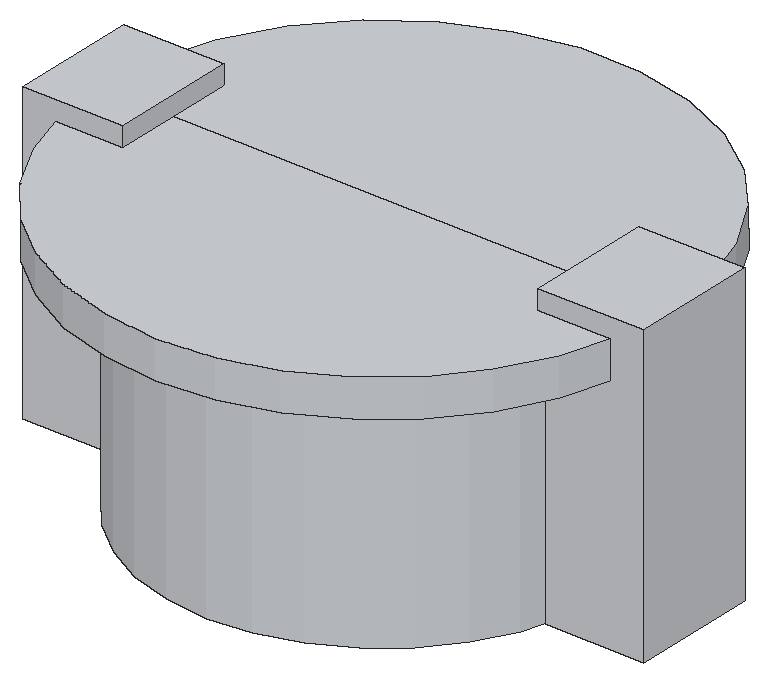
Revit family "0032003", category Lighting Fixtures, host Face, Revit 2017
Family settings
  Host = Face
  Round Connector Dimension = Use Diameter
  Part Type = Normal
  OmniClass Number = 23.80.70.00
  OmniClass Title = Lighting
  Cut with Voids When Loaded = No
  Light Source = Yes
  Shared = No
  Room Calculation Point = No
Parameters (values of type "0032003 ST E EM SPOT MT NM 3H CORRIDOR")
  Weight = "5.4 kg"
  Wattage Comments = ""
  Wattage = 1.3 W
  WarrantyStartDate [instance] = "n/a"
  WarrantyGuarantorParts = "n/a"
  WarrantyDurationUnit = "n/a"
  WarrantyDurationParts = "n/a"
  WarrantyDescription = "n/a"
  built-in parameter 1150110 = 1 (stored number, unit not read)
  Voltage = 0 V
  URL = "http://www.sylvania-lighting.com"
  TypeName = "START eco Emergency Spot MT NM 3h Corridor"
  Type Image = <None>
  Type Comments = "n/a"
  built-in parameter 1114217 = 1 (stored number, unit not read)
  Tilt Angle = -90.00°
  built-in parameter 1150109 = 1 (stored number, unit not read)
  built-in parameter 1150134 = 2
  built-in parameter 1150113 = 1 (stored number, unit not read)
  SerialNumber [instance] = "n/a"
  Photometric Web File = "0032003.ies"
  Material_3_SYL = none
  PowerFactor = 0.4
  PowerConsumption = "1.3 W"
  NominalLength = 150 mm
  NominalHeight = 45 mm
  NominalDepth = 45 mm
  Name = "START eco Emergency Spot MT NM 3h Corridor"
  ModelReference = Name  # "START eco Emergency Spot MT NM 3h Corridor"
  ModelNumber = "0032003"
  Model = Name  # "START eco Emergency Spot MT NM 3h Corridor"
  Material = "pc polycarbonate housing, pc polycarbonate diffuser"
  ManufacturerName = "Feilo Sylvania"
  Manufacturer = "Feilo Sylvania"
  LuminousEfficacy = "130.7 lm/W"
  built-in parameter 1150105 = 112.16 (stored number, unit not read)
  Lumens = 170 lm
  LuminaireType = ""
  built-in parameter 1150115 = 1 (stored number, unit not read)
  LightOutputRatio = "n/a"
  built-in parameter 1150137 = (empty or 0)
  built-in parameter 1150139 = (empty or 0)
  LampsType = Lamp  # "LED"
  LampNominalLuminous = "170 lm"
  LampMacAdamStep = "n/a"
  LampColourTemperature = "5000 K"
  LampColourRenderingIndex = "70"
  built-in parameter 1150112 = 1 (stored number, unit not read)
  built-in parameter 1150114 = 1 (stored number, unit not read)
  Lamp = "LED"
  Keynote = "16500"
  InstallationDate [instance] = "n/a"
  InputVoltage = "n/a"
  InputNominalFrequency = "n/a"
  built-in parameter 1150132 = (empty or 0)
  built-in parameter 1150102 = (empty or 0)
  built-in parameter 1150107 = 5000 (stored number, unit not read)
  built-in parameter 1150138 = (empty or 0)
  IngressProtection = "IP20"
  ImpactProtectionIndex = "IK02"
  built-in parameter 1150106 = 1.1216 (stored number, unit not read)
  IfcExportType = "IfcLightFixtureType"
  IfcExportAs = "IfcLightFixtureType"
  Emit from Circle Diameter = 609.6 mm
  Emit Shape Visible in Rendering = no
  ElectricShockClassification = "Class II"
  built-in parameter 1150104 = 12.149 (stored number, unit not read)
  DocumentationLiterature = "http://www.sylvania-lighting.com/product/en-int/products/0032003"
  DimmingControlOptions = "n/a"
  Material_2_SYL = none
  Dimming Lamp Color Temperature Shift = <None>
  Description = "Recessed Spot Light used for Emergency application Narrow beam for corridor application"
  Default Elevation = 1219.2 mm
  CreatedOn = "12/10/2020"
  CreatedBy = "@sylvania-lighting.com"
  Cost = 0
  Color Filter = 16777215
  built-in parameter 1114216 [instance] = (empty or 0)
  ClassificationValue = "EF_70_80"
  ClassificationName = "Uniclass2015"
  Material_1_SYL = none
  BarCode [instance] = "n/a"
  built-in parameter 1114218 = 1 (stored number, unit not read)
  built-in parameter 1150133 = 10 (stored number, unit not read)
  AssetType = "Fixed"
  AssetIdentifier [instance] = "n/a"
  Assembly Code = "D5020200"
  Apparent Load = 1.3 VA
  Material_4_SYL = none
Types (2, lengths in mm): name | TypeName | Photometric Web File | Name | ModelReference | ModelNumber | Model | Material | built-in parameter 1150105 | built-in parameter 1150106 | DocumentationLiterature | Description
  0032002 ST E EM SPOT MT NM 3H OPEN  AREA | "START eco Emergency Spot MT NM 3h Open Area" | "0032002.ies" | "START eco Emergency Spot MT NM 3h Open Area" | "START eco Emergency Spot MT NM 3h Open Area" | "0032002" | "START eco Emergency Spot MT NM 3h Open Area" | "pc polycarbonate housing" | 62.971 (stored number, unit not read) | 0.62971 (stored number, unit not read) | "http://www.sylvania-lighting.com/product/en-int/products/0032002" | "Recessed Spot Light used for Emergency application"
  0032003 ST E EM SPOT MT NM 3H CORRIDOR | "START eco Emergency Spot MT NM 3h Corridor" | "0032003.ies" | "START eco Emergency Spot MT NM 3h Corridor" | "START eco Emergency Spot MT NM 3h Corridor" | "0032003" | "START eco Emergency Spot MT NM 3h Corridor" | "pc polycarbonate housing, pc polycarbonate diffuser" | 112.16 (stored number, unit not read) | 1.1216 (stored number, unit not read) | "http://www.sylvania-lighting.com/product/en-int/products/0032003" | "Recessed Spot Light used for Emergency application Narrow beam for corridor application"
Reference planes
  plane 1 "Center (Front/Back)": y = 0
  plane 2: z = 0
  plane 3 "Center (Left/Right)": x = 0
  plane 4: x = 17.5
  plane 5: x = -17.5
  plane 6: x = -22.5
  plane 7: x = 22.5
  plane 8: z = -22
  plane 9: z = -3
  plane 10: x = -24.5
  plane 11: x = 24.5
  plane 12: y = 5
  plane 13: y = -5
  plane 14: x = -16.652
  plane 15: x = 16.161
Forms (mm)
  Revolve 1, solid
    sketch origin (0, 0, 0) x (1, 0, 0) y (0, 0, 1)
      loop
        line (0, 0) -> (0, -22) -> (17.5, -22) -> (17.5, -3) -> (22.5, -3) -> (22.5, 0) -> (0, 0)
      axis (0, -22) -> (0, 0)
    angle from 360 to 0
  Extrusion 2, solid
    sketch origin (0, 0, 0) x (1, 0, 0) y (0, 1, 0)
      loop
        line (-24.5, 5) -> (-24.5, -5) -> (-16.652, -5) -> (-16.652, 5) -> (-24.5, 5)
      loop
        line (24.5, 5) -> (16.161, 5) -> (16.161, -5) -> (24.5, -5) -> (24.5, 5)
    from -22 to 1.5
Dimensions and locks
  aligned and locked: plane 2 to host face
  aligned and locked: level to host face
  aligned and locked: plane 12 to Extrusion 2 sketch curve
  aligned and locked: plane 10 to Extrusion 2 sketch curve
  aligned and locked: Extrusion 2 sketch curve to plane 13
  aligned and locked: Extrusion 2 sketch curve to plane 14
  aligned and locked: Extrusion 2 sketch curve to plane 12
  aligned and locked: plane 11 to Extrusion 2 sketch curve
  aligned and locked: plane 13 to Extrusion 2 sketch curve
  aligned and locked: Extrusion 2 sketch curve to plane 15
  aligned and locked: Extrusion 2 to Revolve 1
Connectors
  electrical at (0, 0, 0), driven by "Apparent Load", driven by "PowerFactor", driven by "Voltage"
    settings: index 1, voltage 0 V, apparent load 1.3 VA, apparent load phase1 0 VA, apparent load phase2 0 VA, apparent load phase3 0 VA, power factor 0.4, load classification "Lighting", number of poles 1, system type 30, power factor state 1, is connector primary yes, connector utility no, sub classification motor no, connector description ""
